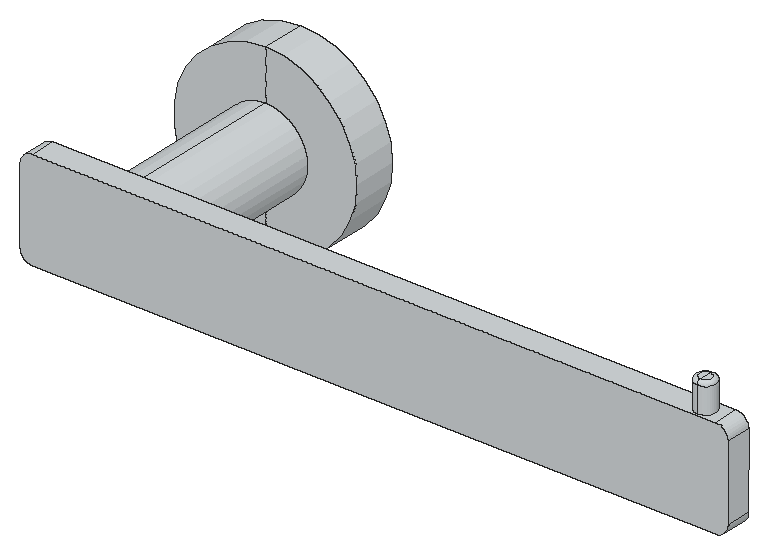
Revit family "Reece_Accessory_Milli_Marle Edit_Toilet Roll Holder_Straight", category Plumbing Fixtures, host Face, Revit 2018
Family settings
  Host = Face
  Round Connector Dimension = Use Diameter
  Part Type = Normal
  Cut with Voids When Loaded = Yes
  Shared = Yes
  Room Calculation Point = Yes
Parameters (values of type "Brushed Nickel")
  URL = "https://www.reece.com.au/product/-9510543"
  Type Comments = "Accessory"
  Reece_Product_Web Page = "https://www.reece.com.au/product/-9510543"
  Reece_Product_Type = "Accessory"  # constant formula
  Reece_Product_Sub Brand = "Marle Edit"  # constant formula
  Reece_Product_Number = "9510543"
  Reece_Product_Mount = "Wall Mounted"
  Reece_Product_Description = "Milli Marle Edit Straight Toilet Roll Holder Brushed Nickel"
  Reece_Product_Brand = "Milli"  # constant formula
  Reece_Overall_Width = 170 mm  # constant formula
  Reece_Overall_Projection = 56 mm  # constant formula
  Reece_Overall_Height = 24 mm  # constant formula
  Reece_Material_Main = Reece_Brass_Brushed Nickel
  Reece_Height_From_Level = 600 mm
  Reece_Detail_Shape = "Straight"  # constant formula
  Reece_Detail_Installation = ""
  Reece_Detail_Disclaimer = "THIS FILE IS THE PROPERTY OF THE REECE GROUP. IT MAY NOT BE REPRODUCED, REVERSE-ENGINEERED OR MODIFIED. ANY REPUBLICATION, TRANSMISSION OR DISTRIBUTION FOR THE PURPOSE OF COMMERCIALLY EXPLOITING THE FILES IS PROHIBITED."  # constant formula
  Reece_Detail_Connector = ""
  Reece_Detail_Additional = "Toilet Roll Holder"  # constant formula
  Model = "Marle Edit"
  Manufacturer = "Milli"
  Keynote = "Product #9510543, Reece_Accessory_Milli_Marle Edit_Toilet Roll Holder_Straight - Brushed Nickel"
  Disclaimer = "THIS FILE IS THE PROPERTY OF THE REECE GROUP. IT MAY NOT BE REPRODUCED, REVERSE-ENGINEERED OR MODIFIED. ANY REPUBLICATION, TRANSMISSION OR DISTRIBUTION FOR THE PURPOSE OF COMMERCIALLY EXPLOITING THE FILES IS PROHIBITED."  # constant formula
  Description = "Milli Marle Edit Straight Toilet Roll Holder Brushed Nickel"
  Default Elevation = 0 mm
Types (6, lengths in mm): name | URL | Reece_Product_Web Page | Reece_Product_Number | Reece_Product_Description | Reece_Material_Main | Keynote | Description
  (no name) | "https://www.reece.com.au/product/-9510630" | "https://www.reece.com.au/product/-9510630" | "9510630" | "Milli Marle Edit Straight Toilet Roll Holder Brushed Gold" | Reece_Brass_Brushed Gold | "Product #9510630, Reece_Accessory_Milli_Marle Edit_Toilet Roll Holder_Straight -  " | "Milli Marle Edit Straight Toilet Roll Holder Brushed Gold"
  Brushed Gold | "https://www.reece.com.au/product/-9510630" | "https://www.reece.com.au/product/-9510630" | "9510630" | "Milli Marle Edit Straight Toilet Roll Holder Brushed Gold" | Reece_Brass_Brushed Gold | "Product #9510630, Reece_Accessory_Milli_Marle Edit_Toilet Roll Holder_Straight - Brushed Gold" | "Milli Marle Edit Straight Toilet Roll Holder Brushed Gold"
  Brushed Gunmetal | "https://www.reece.com.au/product/-9510639" | "https://www.reece.com.au/product/-9510639" | "9510639" | "Milli Marle Edit Straight Toilet Roll Holder Brushed Gunmetal" | Reece_Brass_Brushed Gunmetal | "Product #9510639, Reece_Accessory_Milli_Marle Edit_Toilet Roll Holder_Straight - Brushed Gunmetal" | "Milli Marle Edit Straight Toilet Roll Holder Brushed Gunmetal"
  Brushed Nickel | "https://www.reece.com.au/product/-9510543" | "https://www.reece.com.au/product/-9510543" | "9510543" | "Milli Marle Edit Straight Toilet Roll Holder Brushed Nickel" | Reece_Brass_Brushed Nickel | "Product #9510543, Reece_Accessory_Milli_Marle Edit_Toilet Roll Holder_Straight - Brushed Nickel" | "Milli Marle Edit Straight Toilet Roll Holder Brushed Nickel"
  Chrome | "https://www.reece.com.au/product/-9511272" | "https://www.reece.com.au/product/-9511272" | "9511272" | "Milli Marle Edit Straight Toilet Roll Holder Chrome" | Reece_Brass_Chrome | "Product #9511272, Reece_Accessory_Milli_Marle Edit_Toilet Roll Holder_Straight - Chrome" | "Milli Marle Edit Straight Toilet Roll Holder Chrome"
  Matte Black | "https://www.reece.com.au/product/-9511280" | "https://www.reece.com.au/product/-9511280" | "9511280" | "Milli Marle Edit Straight Toilet Roll Holder Matte Black" | Reece_Brass_Matte Black | "Product #9511280, Reece_Accessory_Milli_Marle Edit_Toilet Roll Holder_Straight - Matte Black" | "Milli Marle Edit Straight Toilet Roll Holder Matte Black"
Reference planes
  plane 1 "Center (Front/Back)": y = 0
  plane 2 "Bottom Host Plane": z = -5
  plane 3 "Center (Left/Right)": x = 0
  plane 4: z = 600
  plane 5: x = -22.464
  plane 6: x = 147.536
  plane 7: y = -56
  plane 8: z = 622
  plane 9: z = 578
  plane 10: z = 612.035
  plane 11: z = 588.033
Forms (mm)
  Revolve 1, solid, material "Reece_Brass_Brushed Nickel" <- "Reece_Material_Main"
    sketch origin (0, 0, 0) x (0, 1, 0) y (0, 0, 1)
      loop
        line (0, 622) -> (-10.504, 622) -> (-10.504, 610.02) -> (-50, 610.02) -> (-50, 600) -> (0, 600) -> (0, 622)
      axis (0, 600) -> (-50, 600)
    angle from 0 to 360
  Extrusion 2, solid, material "Reece_Brass_Brushed Nickel" <- "Reece_Material_Main"
    sketch origin (0, -50, 600) x (0, 0, 1) y (-1, 0, 0)
      loop
        line (12.035, -144.536) -> (12.035, 19.464)
        arc (12.035, 19.464) -> (11.156, 21.585) -> (9.035, 22.464) r 3
        line (9.035, 22.464) -> (-8.967, 22.464)
        arc (-8.967, 22.464) -> (-11.088, 21.585) -> (-11.967, 19.464) r 3
        line (-11.967, 19.464) -> (-11.967, -144.536)
        arc (-11.967, -144.536) -> (-11.088, -146.658) -> (-8.967, -147.536) r 3
        line (-8.967, -147.536) -> (9.035, -147.536)
        arc (9.035, -147.536) -> (11.156, -146.658) -> (12.035, -144.536) r 3
    from 0 to 6
  Revolve 3, solid, material "Reece_Brass_Brushed Nickel" <- "Reece_Material_Main"
    sketch origin (139.709, -53.004, 1200) x (0, -1, 0) y (0, 0, 1)
      loop
        line (2.499, -589.434) -> (2.499, -581.906)
        arc (2.499, -581.906) -> (2.235, -581.269) -> (1.599, -581.006) r 0.9
        line (1.599, -581.006) -> (0.001, -581.006) -> (0.001, -589.434) -> (2.499, -589.434)
      axis (0.001, -589.434) -> (0.001, -581.006)
    angle from 0 to 360
Cuts and joins
  joined: Revolve 1, Extrusion 2, Revolve 3
Lines and regions (mm)
  model lines, style "InvisibleLines"
    curve 1: line (0, 0, -5) -> (0, 0, 600)
Text (mm)
  text "Reece ©" at (2649.917, -2536.435, 2830.461), in view "Reece Preview"
  text "Reece Copyright © 2018, Reece Ltd." at (172.162, -165.775, 0), in view "Ref. Level"
Dimensions and locks
  locked: level to plane 2 "Bottom Host Plane" at 5
  "Reece_Height_From_Level": plane 4 to level
  Revolve 1 sketch curve to Revolve 1 sketch curve to plane 4 to Revolve 1 sketch curve to Revolve 1 sketch curve = 11.98 mm locked, 10.02 mm locked, 0 mm locked, 0 mm locked
  Revolve 3 sketch curve to Revolve 3 sketch curve to plane 4 = 8.429 mm locked, 10.566 mm locked
  plane 4 to level = 600 mm
  "Reece_Overall_Width": plane 5 to plane 6
  plane 5 to plane 6 = 170 mm
  "Reece_Overall_Projection": cut or joined group of Revolve 1, Extrusion 2, Revolve 3 to plane 7
  "Reece_Overall_Height": plane 10 to plane 11
  plane 8 to plane 4 to plane 9 = 22 mm locked, 22 mm locked
  aligned and locked: plane 4 to curve 1
  aligned and locked: plane 2 "Bottom Host Plane" to curve 1
  aligned and locked: plane 3 "Center (Left/Right)" to curve 1
  aligned and locked: plane 7 to cut or joined group of Revolve 1, Extrusion 2, Revolve 3
  aligned and locked: plane 1 "Center (Front/Back)" to Revolve 1 sketch curve
  aligned and locked: plane 8 to cut or joined group of Revolve 1, Extrusion 2, Revolve 3
  aligned and locked: plane 9 to cut or joined group of Revolve 1, Extrusion 2, Revolve 3
  aligned and locked: cut or joined group of Revolve 1, Extrusion 2, Revolve 3 to plane 10
  aligned and locked: plane 11 to cut or joined group of Revolve 1, Extrusion 2, Revolve 3
Automatic sketch dimensions
  plane 1 "Center (Front/Back)" to Revolve 1 sketch curve = 10.504 mm
  Revolve 1 sketch curve to plane 1 "Center (Front/Back)" = 22.957 mm
  Extrusion 2 sketch curve to Revolve 1 = 19.464 mm
  Extrusion 2 sketch curve to Extrusion 2 sketch curve = 3 mm  (x3)
  Extrusion 2 sketch curve to Extrusion 2 sketch curve = 18.002 mm  (x2)
  Revolve 1 to Extrusion 2 sketch curve = 144.536 mm
  Revolve 3 sketch curve to Revolve 3 sketch curve = 0.751 mm
  Revolve 3 sketch curve to Revolve 3 sketch curve = 3.015 mm
  Revolve 1 sketch curve to Revolve 1 sketch curve = 42.044 mm
  Revolve 3 sketch curve to Revolve 3 sketch curve = 1.598 mm
  Revolve 3 sketch curve to Revolve 3 sketch curve = 2.498 mm
  Revolve 1 sketch curve to Revolve 1 sketch curve = 39.496 mm
  plane 1 "Center (Front/Back)" to Revolve 3 sketch curve = 53.005 mm
  Revolve 3 sketch curve to Revolve 3 sketch curve = 0 mm
